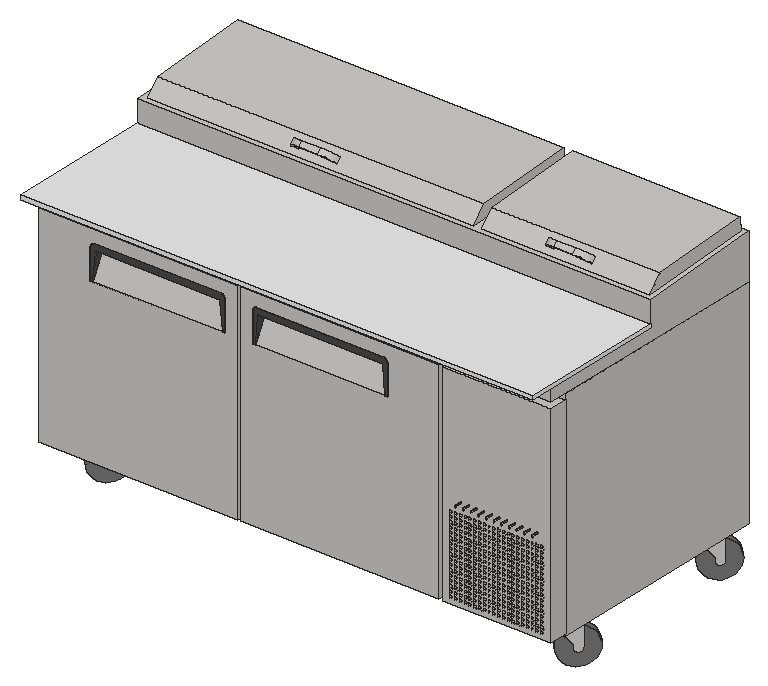
Revit family "QF_Turbo Air_TPR-67SD", category Specialty Equipment, Revit 2012 (continued)
Forms (in)
  Extrusion 17, solid, material "QF_Finishes_Clearances", detail levels coarse
    sketch origin (23.64906, 0, 0) x (0, 1, 0) y (0, 0, 1)
      loop
        arc (-9.30056, 52.10578) -> (-13.94213, 46.43603) -> (-15.28268, 39.23233) r 14.75
        line (-15.28268, 39.23233) -> (-13.67506, 41.0543) -> (-0.54382, 41.875) -> (-0.43665, 40.16021)
    from 0 to 21.875
Lines and regions (in)
  symbolic lines
    curve 1: line (-20.78844, 0, 0) -> (46.21156, 0, 0)
    curve 2: line (-20.78844, -35.25, 0) -> (-20.78844, 0, 0)
    curve 3: line (46.21156, -35.25, 0) -> (-20.78844, -35.25, 0)
    curve 4: line (46.21156, 0, 0) -> (46.21156, -35.25, 0)
    curve 5: line (-20.78844, -16, 0) -> (46.21156, -16, 0)
    curve 6: line (-20.10094, -0.43665, 0) -> (22.52406, -0.43665, 0)
    curve 7: line (-20.10094, -0.43665, 0) -> (-20.10094, -15.28268, 0)
    curve 8: line (22.52406, -15.28268, 0) -> (3.73591, -15.28268, 0)
    curve 9: line (22.52406, -15.28268, 0) -> (22.52406, -0.43665, 0)
    curve 10: line (2.46156, -15.66428, 0) -> (-0.03844, -15.66428, 0)
    curve 11: line (-0.03844, -15.16806, 0) -> (2.46156, -15.16806, 0)
    curve 12: spline (-0.03844, -15.66428, 0) -> (-0.22934, -15.65687, 0) -> (-0.41821, -15.63473, 0) -> (-0.60302, -15.5981, 0) -> (-0.7818, -15.54736, 0) -> (-0.95265, -15.48306, 0) -> (-1.11373, -15.40589, 0) -> (-1.26333, -15.31666, 0) -> (-1.39986, -15.21633, 0) -> (-1.52185, -15.10598, 0) -> (-1.628, -14.98677, 0) -> (-1.71718, -14.85999, 0) -> (-1.78844, -14.72698, 0)
    curve 13: spline (-1.78844, -14.23076, 0) -> (-1.71718, -14.36377, 0) -> (-1.628, -14.49055, 0) -> (-1.52185, -14.60976, 0) -> (-1.39986, -14.72012, 0) -> (-1.26333, -14.82044, 0) -> (-1.11373, -14.90967, 0) -> (-0.95265, -14.98685, 0) -> (-0.7818, -15.05115, 0) -> (-0.60302, -15.10189, 0) -> (-0.41821, -15.13852, 0) -> (-0.22934, -15.16066, 0) -> (-0.03844, -15.16806, 0)
    curve 14: line (-0.78844, -14.23076, 0) -> (-1.78844, -14.23076, 0)
    curve 15: line (-1.78844, -14.23076, 0) -> (-1.78844, -14.72698, 0)
    curve 16: line (-0.78844, -14.60568, 0) -> (-0.78844, -14.23076, 0)
    curve 17: line (2.71156, -14.9806, 0) -> (-0.28844, -14.9806, 0)
    curve 18: spline (-0.28844, -14.9806, 0) -> (-0.3537, -14.97739, 0) -> (-0.41785, -14.96783, 0) -> (-0.47978, -14.95206, 0) -> (-0.53844, -14.93037, 0) -> (-0.59282, -14.90313, 0) -> (-0.64199, -14.87079, 0) -> (-0.68512, -14.83392, 0) -> (-0.72145, -14.79314, 0) -> (-0.75038, -14.74916, 0) -> (-0.7714, -14.70272, 0) -> (-0.78416, -14.65462, 0) -> (-0.78844, -14.60568, 0)
    curve 19: line (4.21156, -14.23076, 0) -> (3.21156, -14.23076, 0)
    curve 20: line (4.21156, -14.72698, 0) -> (4.21156, -14.23076, 0)
    curve 21: line (3.21156, -14.23076, 0) -> (3.21156, -14.60568, 0)
    curve 22: spline (3.21156, -14.60568, 0) -> (3.20728, -14.65462, 0) -> (3.19452, -14.70272, 0) -> (3.1735, -14.74916, 0) -> (3.14457, -14.79314, 0) -> (3.10824, -14.83392, 0) -> (3.06511, -14.87079, 0) -> (3.01594, -14.90313, 0) -> (2.96156, -14.93037, 0) -> (2.9029, -14.95206, 0) -> (2.84097, -14.96783, 0) -> (2.77682, -14.97739, 0) -> (2.71156, -14.9806, 0)
    curve 23: spline (2.46156, -15.16806, 0) -> (2.65246, -15.16066, 0) -> (2.84133, -15.13852, 0) -> (3.02614, -15.10189, 0) -> (3.20492, -15.05115, 0) -> (3.37577, -14.98685, 0) -> (3.53685, -14.90967, 0) -> (3.68645, -14.82044, 0) -> (3.82298, -14.72012, 0) -> (3.94497, -14.60976, 0) -> (4.05112, -14.49055, 0) -> (4.1403, -14.36377, 0) -> (4.21156, -14.23076, 0)
    curve 24: spline (4.21156, -14.72698, 0) -> (4.1403, -14.85999, 0) -> (4.05112, -14.98677, 0) -> (3.94497, -15.10598, 0) -> (3.82298, -15.21633, 0) -> (3.68645, -15.31666, 0) -> (3.53685, -15.40589, 0) -> (3.37577, -15.48306, 0) -> (3.20492, -15.54736, 0) -> (3.02614, -15.5981, 0) -> (2.84133, -15.63473, 0) -> (2.65246, -15.65687, 0) -> (2.46156, -15.66428, 0)
    curve 25: line (-1.31279, -15.28268, 0) -> (-20.10094, -15.28268, 0)
    curve 26: line (-15.28844, 1, 0) -> (-14.03844, 1, 0)
    curve 27: line (39.46156, 1, 0) -> (40.71156, 1, 0)
    curve 28: line (40.71156, 1, 0) -> (40.71156, 0, 0)
    curve 29: line (39.46156, 1, 0) -> (39.46156, 0, 0)
    curve 30: line (-14.03844, 1, 0) -> (-14.03844, 0, 0)
    curve 31: line (-15.28844, 1, 0) -> (-15.28844, 0, 0)
    curve 67: line (35.83656, -15.66428, 0) -> (33.33656, -15.66428, 0)
    curve 68: line (33.33656, -15.16806, 0) -> (35.83656, -15.16806, 0)
    curve 69: spline (33.33656, -15.66428, 0) -> (33.14566, -15.65687, 0) -> (32.95679, -15.63473, 0) -> (32.77198, -15.5981, 0) -> (32.5932, -15.54736, 0) -> (32.42235, -15.48306, 0) -> (32.26127, -15.40589, 0) -> (32.11167, -15.31666, 0) -> (31.97514, -15.21633, 0) -> (31.85315, -15.10598, 0) -> (31.747, -14.98677, 0) -> (31.65782, -14.85999, 0) -> (31.58656, -14.72698, 0)
    curve 70: spline (31.58656, -14.23076, 0) -> (31.65782, -14.36377, 0) -> (31.747, -14.49055, 0) -> (31.85315, -14.60976, 0) -> (31.97514, -14.72012, 0) -> (32.11167, -14.82044, 0) -> (32.26127, -14.90967, 0) -> (32.42235, -14.98685, 0) -> (32.5932, -15.05115, 0) -> (32.77198, -15.10189, 0) -> (32.95679, -15.13852, 0) -> (33.14566, -15.16066, 0) -> (33.33656, -15.16806, 0)
    curve 71: line (32.58656, -14.23076, 0) -> (31.58656, -14.23076, 0)
    curve 72: line (31.58656, -14.23076, 0) -> (31.58656, -14.72698, 0)
    curve 73: line (32.58656, -14.60568, 0) -> (32.58656, -14.23076, 0)
    curve 74: line (37.58656, -14.23076, 0) -> (36.58656, -14.23076, 0)
    curve 75: line (37.58656, -14.72698, 0) -> (37.58656, -14.23076, 0)
    curve 76: line (36.58656, -14.23076, 0) -> (36.58656, -14.60568, 0)
    curve 77: spline (35.83656, -15.16806, 0) -> (36.02746, -15.16066, 0) -> (36.21633, -15.13852, 0) -> (36.40114, -15.10189, 0) -> (36.57992, -15.05115, 0) -> (36.75077, -14.98685, 0) -> (36.91185, -14.90967, 0) -> (37.06145, -14.82044, 0) -> (37.19798, -14.72012, 0) -> (37.31997, -14.60976, 0) -> (37.42612, -14.49055, 0) -> (37.5153, -14.36377, 0) -> (37.58656, -14.23076, 0)
    curve 78: spline (37.58656, -14.72698, 0) -> (37.5153, -14.85999, 0) -> (37.42612, -14.98677, 0) -> (37.31997, -15.10598, 0) -> (37.19798, -15.21633, 0) -> (37.06145, -15.31666, 0) -> (36.91185, -15.40589, 0) -> (36.75077, -15.48306, 0) -> (36.57992, -15.54736, 0) -> (36.40114, -15.5981, 0) -> (36.21633, -15.63473, 0) -> (36.02746, -15.65687, 0) -> (35.83656, -15.66428, 0)
    curve 82: line (45.52406, -0.43665, 0) -> (23.64906, -0.43665, 0)
    curve 83: line (23.64906, -15.28268, 0) -> (32.06221, -15.28268, 0)
    curve 84: line (23.64906, -0.43665, 0) -> (23.64906, -15.28268, 0)
    curve 85: line (45.52406, -15.28268, 0) -> (45.52406, -0.43665, 0)
    curve 86: line (37.11091, -15.28268, 0) -> (45.52406, -15.28268, 0)
  symbolic lines, style "QF_Surface Details"
    curve 32: line (-18.78844, -14.5625, 0) -> (-13.03844, -14.5625, 0)
    curve 33: line (-12.47594, -14, 0) -> (-12.47594, -2.375, 0)
    curve 34: line (-13.03844, -1.8125, 0) -> (-18.78844, -1.8125, 0)
    curve 35: line (-19.35094, -14, 0) -> (-19.35094, -2.375, 0)
    curve 36: arc (-13.03844, -1.8125, 0) -> (-12.64069, -1.97725, 0) -> (-12.47594, -2.375, 0) r 0.5625
    curve 37: arc (-18.78844, -1.8125, 0) -> (-19.18619, -1.97725, 0) -> (-19.35094, -2.375, 0) r 0.5625
    curve 38: arc (-19.35094, -14, 0) -> (-19.18619, -14.39775, 0) -> (-18.78844, -14.5625, 0) r 0.5625
    curve 39: arc (-12.47594, -14, 0) -> (-12.64069, -14.39775, 0) -> (-13.03844, -14.5625, 0) r 0.5625
    curve 40: line (-13.03844, -12.625, 0) -> (-13.03844, -3.75, 0)
    curve 41: line (-14.41344, -2.375, 0) -> (-17.41344, -2.375, 0)
    curve 42: line (-17.41344, -14, 0) -> (-14.41344, -14, 0)
    curve 43: line (-18.78844, -12.625, 0) -> (-18.78844, -3.75, 0)
    curve 44: arc (-17.41344, -2.375, 0) -> (-18.38571, -2.77773, 0) -> (-18.78844, -3.75, 0) r 1.375
    curve 45: arc (-14.41344, -2.375, 0) -> (-13.44117, -2.77773, 0) -> (-13.03844, -3.75, 0) r 1.375
    curve 46: arc (-13.03844, -12.625, 0) -> (-13.44117, -13.59727, 0) -> (-14.41344, -14, 0) r 1.375
    curve 47: arc (-17.41344, -14, 0) -> (-18.38571, -13.59727, 0) -> (-18.78844, -12.625, 0) r 1.375
    curve 48: line (-11.91344, -14.5625, 0) -> (-6.16344, -14.5625, 0)
    curve 49: line (-5.60094, -14, 0) -> (-5.60094, -2.375, 0)
    curve 50: line (-6.16344, -1.8125, 0) -> (-11.91344, -1.8125, 0)
    curve 51: arc (-6.16344, -1.8125, 0) -> (-5.76569, -1.97725, 0) -> (-5.60094, -2.375, 0) r 0.5625
    curve 52: arc (-11.91344, -1.8125, 0) -> (-12.31119, -1.97725, 0) -> (-12.47594, -2.375, 0) r 0.5625
    curve 53: arc (-5.60094, -14, 0) -> (-5.76569, -14.39775, 0) -> (-6.16344, -14.5625, 0) r 0.5625
    curve 54: line (-6.16344, -12.625, 0) -> (-6.16344, -3.75, 0)
    curve 55: line (-7.53844, -2.375, 0) -> (-10.53844, -2.375, 0)
    curve 56: line (-10.53844, -14, 0) -> (-7.53844, -14, 0)
    curve 57: line (-11.91344, -12.625, 0) -> (-11.91344, -3.75, 0)
    curve 58: arc (-10.53844, -2.375, 0) -> (-11.51071, -2.77773, 0) -> (-11.91344, -3.75, 0) r 1.375
    curve 59: arc (-7.53844, -2.375, 0) -> (-6.56617, -2.77773, 0) -> (-6.16344, -3.75, 0) r 1.375
    curve 60: arc (-6.16344, -12.625, 0) -> (-6.56617, -13.59727, 0) -> (-7.53844, -14, 0) r 1.375
    curve 61: arc (-10.53844, -14, 0) -> (-11.51071, -13.59727, 0) -> (-11.91344, -12.625, 0) r 1.375
    curve 62: arc (-12.47594, -14, 0) -> (-12.31119, -14.39775, 0) -> (-11.91344, -14.5625, 0) r 0.5625
    curve 87: line (-5.03844, -14.5625, 0) -> (0.71156, -14.5625, 0)
    curve 88: line (1.27406, -14, 0) -> (1.27406, -2.375, 0)
    curve 89: line (0.71156, -1.8125, 0) -> (-5.03844, -1.8125, 0)
    curve 90: arc (0.71156, -1.8125, 0) -> (1.10931, -1.97725, 0) -> (1.27406, -2.375, 0) r 0.5625
    curve 91: arc (-5.03844, -1.8125, 0) -> (-5.43619, -1.97725, 0) -> (-5.60094, -2.375, 0) r 0.5625
    curve 92: arc (1.27406, -14, 0) -> (1.10931, -14.39775, 0) -> (0.71156, -14.5625, 0) r 0.5625
    curve 93: line (0.71156, -12.625, 0) -> (0.71156, -3.75, 0)
    curve 94: line (-0.66344, -2.375, 0) -> (-3.66344, -2.375, 0)
    curve 95: line (-3.66344, -14, 0) -> (-0.66344, -14, 0)
    curve 96: line (-5.03844, -12.625, 0) -> (-5.03844, -3.75, 0)
    curve 97: arc (-3.66344, -2.375, 0) -> (-4.63571, -2.77773, 0) -> (-5.03844, -3.75, 0) r 1.375
    curve 98: arc (-0.66344, -2.375, 0) -> (0.30883, -2.77773, 0) -> (0.71156, -3.75, 0) r 1.375
    curve 99: arc (0.71156, -12.625, 0) -> (0.30883, -13.59727, 0) -> (-0.66344, -14, 0) r 1.375
    curve 100: arc (-3.66344, -14, 0) -> (-4.63571, -13.59727, 0) -> (-5.03844, -12.625, 0) r 1.375
    curve 101: arc (-5.60094, -14, 0) -> (-5.43619, -14.39775, 0) -> (-5.03844, -14.5625, 0) r 0.5625
    curve 102: line (1.83656, -14.5625, 0) -> (7.58656, -14.5625, 0)
    curve 103: line (8.14906, -14, 0) -> (8.14906, -2.375, 0)
    curve 104: line (7.58656, -1.8125, 0) -> (1.83656, -1.8125, 0)
    curve 105: arc (7.58656, -1.8125, 0) -> (7.98431, -1.97725, 0) -> (8.14906, -2.375, 0) r 0.5625
    curve 106: arc (1.83656, -1.8125, 0) -> (1.43881, -1.97725, 0) -> (1.27406, -2.375, 0) r 0.5625
    curve 107: arc (8.14906, -14, 0) -> (7.98431, -14.39775, 0) -> (7.58656, -14.5625, 0) r 0.5625
    curve 108: line (7.58656, -12.625, 0) -> (7.58656, -3.75, 0)
    curve 109: line (6.21156, -2.375, 0) -> (3.21156, -2.375, 0)
    curve 110: line (3.21156, -14, 0) -> (6.21156, -14, 0)
    curve 111: line (1.83656, -12.625, 0) -> (1.83656, -3.75, 0)
    curve 112: arc (3.21156, -2.375, 0) -> (2.23929, -2.77773, 0) -> (1.83656, -3.75, 0) r 1.375
    curve 113: arc (6.21156, -2.375, 0) -> (7.18383, -2.77773, 0) -> (7.58656, -3.75, 0) r 1.375
    curve 114: arc (7.58656, -12.625, 0) -> (7.18383, -13.59727, 0) -> (6.21156, -14, 0) r 1.375
    curve 115: arc (3.21156, -14, 0) -> (2.23929, -13.59727, 0) -> (1.83656, -12.625, 0) r 1.375
    curve 116: arc (1.27406, -14, 0) -> (1.43881, -14.39775, 0) -> (1.83656, -14.5625, 0) r 0.5625
    curve 117: line (8.71156, -14.5625, 0) -> (14.46156, -14.5625, 0)
    curve 118: line (15.02406, -14, 0) -> (15.02406, -2.375, 0)
    curve 119: line (14.46156, -1.8125, 0) -> (8.71156, -1.8125, 0)
    curve 120: arc (14.46156, -1.8125, 0) -> (14.85931, -1.97725, 0) -> (15.02406, -2.375, 0) r 0.5625
    curve 121: arc (8.71156, -1.8125, 0) -> (8.31381, -1.97725, 0) -> (8.14906, -2.375, 0) r 0.5625
    curve 122: arc (15.02406, -14, 0) -> (14.85931, -14.39775, 0) -> (14.46156, -14.5625, 0) r 0.5625
    curve 123: line (14.46156, -12.625, 0) -> (14.46156, -3.75, 0)
    curve 124: line (13.08656, -2.375, 0) -> (10.08656, -2.375, 0)
    curve 125: line (10.08656, -14, 0) -> (13.08656, -14, 0)
    curve 126: line (8.71156, -12.625, 0) -> (8.71156, -3.75, 0)
    curve 127: arc (10.08656, -2.375, 0) -> (9.11429, -2.77773, 0) -> (8.71156, -3.75, 0) r 1.375
    curve 128: arc (13.08656, -2.375, 0) -> (14.05883, -2.77773, 0) -> (14.46156, -3.75, 0) r 1.375
    curve 129: arc (14.46156, -12.625, 0) -> (14.05883, -13.59727, 0) -> (13.08656, -14, 0) r 1.375
    curve 130: arc (10.08656, -14, 0) -> (9.11429, -13.59727, 0) -> (8.71156, -12.625, 0) r 1.375
    curve 131: arc (8.14906, -14, 0) -> (8.31381, -14.39775, 0) -> (8.71156, -14.5625, 0) r 0.5625
    curve 132: line (15.58656, -14.5625, 0) -> (21.33656, -14.5625, 0)
    curve 133: line (21.89906, -14, 0) -> (21.89906, -2.375, 0)
    curve 134: line (21.33656, -1.8125, 0) -> (15.58656, -1.8125, 0)
    curve 135: arc (21.33656, -1.8125, 0) -> (21.73431, -1.97725, 0) -> (21.89906, -2.375, 0) r 0.5625
    curve 136: arc (15.58656, -1.8125, 0) -> (15.18881, -1.97725, 0) -> (15.02406, -2.375, 0) r 0.5625
    curve 137: arc (21.89906, -14, 0) -> (21.73431, -14.39775, 0) -> (21.33656, -14.5625, 0) r 0.5625
    curve 138: line (21.33656, -12.625, 0) -> (21.33656, -3.75, 0)
    curve 139: line (19.96156, -2.375, 0) -> (16.96156, -2.375, 0)
    curve 140: line (16.96156, -14, 0) -> (19.96156, -14, 0)
    curve 141: line (15.58656, -12.625, 0) -> (15.58656, -3.75, 0)
    curve 142: arc (16.96156, -2.375, 0) -> (15.98929, -2.77773, 0) -> (15.58656, -3.75, 0) r 1.375
    curve 143: arc (19.96156, -2.375, 0) -> (20.93383, -2.77773, 0) -> (21.33656, -3.75, 0) r 1.375
    curve 144: arc (21.33656, -12.625, 0) -> (20.93383, -13.59727, 0) -> (19.96156, -14, 0) r 1.375
    curve 145: arc (16.96156, -14, 0) -> (15.98929, -13.59727, 0) -> (15.58656, -12.625, 0) r 1.375
    curve 146: arc (15.02406, -14, 0) -> (15.18881, -14.39775, 0) -> (15.58656, -14.5625, 0) r 0.5625
    curve 147: line (24.27406, -14, 0) -> (24.27406, -2.375, 0)
    curve 148: line (24.83656, -14.5625, 0) -> (30.58656, -14.5625, 0)
    curve 149: line (31.14906, -14, 0) -> (31.14906, -2.375, 0)
    curve 150: line (30.58656, -1.8125, 0) -> (24.83656, -1.8125, 0)
    curve 151: arc (30.58656, -1.8125, 0) -> (30.98431, -1.97725, 0) -> (31.14906, -2.375, 0) r 0.5625
    curve 152: arc (24.83656, -1.8125, 0) -> (24.43881, -1.97725, 0) -> (24.27406, -2.375, 0) r 0.5625
    curve 153: arc (31.14906, -14, 0) -> (30.98431, -14.39775, 0) -> (30.58656, -14.5625, 0) r 0.5625
    curve 154: line (30.58656, -12.625, 0) -> (30.58656, -3.75, 0)
    curve 155: line (29.21156, -2.375, 0) -> (26.21156, -2.375, 0)
    curve 156: line (26.21156, -14, 0) -> (29.21156, -14, 0)
    curve 157: line (24.83656, -12.625, 0) -> (24.83656, -3.75, 0)
    curve 158: arc (26.21156, -2.375, 0) -> (25.23929, -2.77773, 0) -> (24.83656, -3.75, 0) r 1.375
    curve 159: arc (29.21156, -2.375, 0) -> (30.18383, -2.77773, 0) -> (30.58656, -3.75, 0) r 1.375
    curve 160: arc (30.58656, -12.625, 0) -> (30.18383, -13.59727, 0) -> (29.21156, -14, 0) r 1.375
    curve 161: arc (26.21156, -14, 0) -> (25.23929, -13.59727, 0) -> (24.83656, -12.625, 0) r 1.375
    curve 162: arc (24.27406, -14, 0) -> (24.43881, -14.39775, 0) -> (24.83656, -14.5625, 0) r 0.5625
    curve 163: line (31.71156, -14.5625, 0) -> (37.46156, -14.5625, 0)
    curve 164: line (38.02406, -14, 0) -> (38.02406, -2.375, 0)
    curve 165: line (37.46156, -1.8125, 0) -> (31.71156, -1.8125, 0)
    curve 166: arc (37.46156, -1.8125, 0) -> (37.85931, -1.97725, 0) -> (38.02406, -2.375, 0) r 0.5625
    curve 167: arc (31.71156, -1.8125, 0) -> (31.31381, -1.97725, 0) -> (31.14906, -2.375, 0) r 0.5625
    curve 168: arc (38.02406, -14, 0) -> (37.85931, -14.39775, 0) -> (37.46156, -14.5625, 0) r 0.5625
    curve 169: line (37.46156, -12.625, 0) -> (37.46156, -3.75, 0)
    curve 170: line (36.08656, -2.375, 0) -> (33.08656, -2.375, 0)
    curve 171: line (33.08656, -14, 0) -> (36.08656, -14, 0)
    curve 172: line (31.71156, -12.625, 0) -> (31.71156, -3.75, 0)
    curve 173: arc (33.08656, -2.375, 0) -> (32.11429, -2.77773, 0) -> (31.71156, -3.75, 0) r 1.375
    curve 174: arc (36.08656, -2.375, 0) -> (37.05883, -2.77773, 0) -> (37.46156, -3.75, 0) r 1.375
    curve 175: arc (37.46156, -12.625, 0) -> (37.05883, -13.59727, 0) -> (36.08656, -14, 0) r 1.375
    curve 176: arc (33.08656, -14, 0) -> (32.11429, -13.59727, 0) -> (31.71156, -12.625, 0) r 1.375
    curve 177: arc (31.14906, -14, 0) -> (31.31381, -14.39775, 0) -> (31.71156, -14.5625, 0) r 0.5625
    curve 178: line (38.58656, -14.5625, 0) -> (44.33656, -14.5625, 0)
    curve 179: line (44.89906, -14, 0) -> (44.89906, -2.375, 0)
    curve 180: line (44.33656, -1.8125, 0) -> (38.58656, -1.8125, 0)
    curve 181: arc (44.33656, -1.8125, 0) -> (44.73431, -1.97725, 0) -> (44.89906, -2.375, 0) r 0.5625
    curve 182: arc (38.58656, -1.8125, 0) -> (38.18881, -1.97725, 0) -> (38.02406, -2.375, 0) r 0.5625
    curve 183: arc (44.89906, -14, 0) -> (44.73431, -14.39775, 0) -> (44.33656, -14.5625, 0) r 0.5625
    curve 184: line (44.33656, -12.625, 0) -> (44.33656, -3.75, 0)
    curve 185: line (42.96156, -2.375, 0) -> (39.96156, -2.375, 0)
    curve 186: line (39.96156, -14, 0) -> (42.96156, -14, 0)
    curve 187: line (38.58656, -12.625, 0) -> (38.58656, -3.75, 0)
    curve 188: arc (39.96156, -2.375, 0) -> (38.98929, -2.77773, 0) -> (38.58656, -3.75, 0) r 1.375
    curve 189: arc (42.96156, -2.375, 0) -> (43.93383, -2.77773, 0) -> (44.33656, -3.75, 0) r 1.375
    curve 190: arc (44.33656, -12.625, 0) -> (43.93383, -13.59727, 0) -> (42.96156, -14, 0) r 1.375
    curve 191: arc (39.96156, -14, 0) -> (38.98929, -13.59727, 0) -> (38.58656, -12.625, 0) r 1.375
    curve 192: arc (38.02406, -14, 0) -> (38.18881, -14.39775, 0) -> (38.58656, -14.5625, 0) r 0.5625
  symbolic lines, style "QF_Clearances", detail levels coarse
    curve 63: line (-20.78844, -35.25, 0) -> (-20.78844, -58.2696, 0)
    curve 64: arc (-20.78844, -58.2696, 0) -> (-3.48294, -51.68037, 0) -> (5.05764, -35.25, 0) r 26.0196
    curve 65: line (31.58656, -35.25, 0) -> (31.58656, -58.2696, 0)
    curve 66: arc (31.58656, -58.2696, 0) -> (14.28106, -51.68037, 0) -> (5.74048, -35.25, 0) r 26.0196
  symbolic lines, style "SpecialityEquipment"
    curve 79: spline (33.08656, -14.9806, 0) -> (33.0213, -14.97739, 0) -> (32.95715, -14.96783, 0) -> (32.89522, -14.95206, 0) -> (32.83656, -14.93037, 0) -> (32.78218, -14.90313, 0) -> (32.73301, -14.87079, 0) -> (32.68988, -14.83392, 0) -> (32.65355, -14.79314, 0) -> (32.62462, -14.74916, 0) -> (32.6036, -14.70272, 0) -> (32.59084, -14.65462, 0) -> (32.58656, -14.60568, 0)
    curve 80: line (36.08656, -14.9806, 0) -> (33.08656, -14.9806, 0)
    curve 81: spline (36.58656, -14.60568, 0) -> (36.58228, -14.65462, 0) -> (36.56952, -14.70272, 0) -> (36.5485, -14.74916, 0) -> (36.51957, -14.79314, 0) -> (36.48324, -14.83392, 0) -> (36.44011, -14.87079, 0) -> (36.39094, -14.90313, 0) -> (36.33656, -14.93037, 0) -> (36.2779, -14.95206, 0) -> (36.21597, -14.96783, 0) -> (36.15182, -14.97739, 0) -> (36.08656, -14.9806, 0)
Dimensions and locks (in)
  locked: plane 4 "RIGHT" to plane 3 "LEFT" at 67
  locked: plane 6 "FRONT" to plane 1 "BACK" at 35.25
  locked: plane 6 "FRONT" to plane 5 "Front of Door" at 3
  locked: plane 7 "Front of Pans" to plane 1 "BACK" at 16
  locked: plane 8 "Left of Compressor" to plane 4 "RIGHT" at 14.125
  plane 3 "LEFT" to plane 9 "Right of Left Door" = 2' - 2"
  "CasterLeg Height": plane 10 "Bottom" to plane 2
  locked: plane 12 "Door Clearance" to plane 11 "TOP" at 11.375
  locked: plane 11 "TOP" to plane 10 "Bottom" at 36
  locked: plane 13 "Work Top" to plane 10 "Bottom" at 30
  locked: plane 13 "Work Top" to plane 14 at 1.5625
  locked: plane 14 to plane 15 "Top of Door" at 0.75
  locked: plane 16 "Bottom of Door" to plane 10 "Bottom" at 0.25
  locked: plane 1 "BACK" to plane 17 "Back Stops" at 1
  locked: plane 5 "Front of Door" to plane 18 "Front of Box" at 2.375
  locked: Extrusion 2 sketch curve to plane 13 "Work Top" at 3.3125
  locked: Extrusion 2 sketch curve to plane 14 at 5.875
  locked: plane 3 "LEFT" to plane 19 "Left of Left Lid" at 0.6875
  locked: plane 11 "TOP" to Extrusion 3 sketch curve at 1.71479
  locked: plane 11 "TOP" to Extrusion 3 sketch curve at 0.8207
  locked: plane 11 "TOP" to Extrusion 3 sketch curve at 2.64267
  locked: plane 7 "Front of Pans" to Extrusion 3 sketch curve at 0.71732
  locked: plane 7 "Front of Pans" to Extrusion 3 sketch curve at 2.32494
  locked: Extrusion 3 sketch curve to plane 1 "BACK" at 0.43665
  locked: Extrusion 3 sketch curve to plane 1 "BACK" at 0.54382
  locked: plane 11 "TOP" to plane 22 "Handle Elevation" at 1.73169
  locked: plane 23 "Handle Center FB" to plane 1 "BACK" at 14.47887
  locked: plane 21 "Handle Center of Left Lid" to Extrusion 4 sketch curve at 2
  locked: Extrusion 4 sketch curve to plane 21 "Handle Center of Left Lid" at 2
  locked: plane 21 "Handle Center of Left Lid" to Extrusion 4 sketch curve at 3
  locked: Extrusion 4 sketch curve to plane 21 "Handle Center of Left Lid" at 3
  locked: plane 21 "Handle Center of Left Lid" to Extrusion 4 sketch curve at 1.5
  locked: plane 21 "Handle Center of Left Lid" to Extrusion 4 sketch curve at 1.25
  locked: Extrusion 4 sketch curve to plane 21 "Handle Center of Left Lid" at 1.5
  locked: Extrusion 4 sketch curve to plane 21 "Handle Center of Left Lid" at 1.25
  locked: plane 11 "TOP" to Extrusion 4 at 0.62347
  locked: plane 11 "TOP" to Extrusion 4 at 1.18585
  locked: plane 15 "Top of Door" to Extrusion 5 sketch curve at 1
  locked: Extrusion 5 sketch curve to plane 3 "LEFT" at 1
  locked: Extrusion 5 sketch curve to plane 9 "Right of Left Door" at 1
  locked: Extrusion 5 sketch curve to plane 16 "Bottom of Door" at 1
  locked: Extrusion 7 sketch curve to plane 8 "Left of Compressor" at 0.5
  locked: Extrusion 7 sketch curve to plane 4 "RIGHT" at 0.5
  locked: Extrusion 7 sketch curve to plane 16 "Bottom of Door" at 0.5
  locked: Extrusion 7 sketch curve to Extrusion 7 sketch curve at 12.5
  locked: Extrusion 8 sketch curve to plane 13 "Work Top" at 0.5
  locked: plane 3 "LEFT" to nested 2 at 2.8125
  locked: nested 2 to plane 1 "BACK" at 3.1875
  locked: plane 3 "LEFT" to nested 3 at 2.8125
  locked: plane 18 "Front of Box" to nested 3 at 3.5
  locked: nested 4 to plane 4 "RIGHT" at 2.8125
  locked: nested 4 to plane 1 "BACK" at 3.1875
  locked: nested 5 to plane 4 "RIGHT" at 2.8125
  locked: plane 18 "Front of Box" to nested 5 at 3.5
  locked: Extrusion 9 sketch curve to plane 3 "LEFT" at 6.125
  locked: plane 4 "RIGHT" to Extrusion 9 sketch curve at 6.125
  locked: plane 14 to Extrusion 9 sketch curve at 4.8125  (x2)
  locked: Extrusion 10 sketch curve to plane 10 "Bottom" at 6.125
  locked: plane 4 "RIGHT" to Extrusion 10 sketch curve at 7.0625
  locked: plane 12 "Door Clearance" to Extrusion 12 at 0.14061
  locked: plane 12 "Door Clearance" to Extrusion 12 at 0.03074
  locked: plane 25 "Left of Right Door" to plane 24 "Right of Right Door" at 26
  locked: plane 24 "Right of Right Door" to plane 8 "Left of Compressor" at 0.5
  locked: Extrusion 13 sketch curve to plane 25 "Left of Right Door" at 1
  locked: plane 15 "Top of Door" to Extrusion 13 sketch curve at 1
  locked: Extrusion 13 sketch curve to plane 16 "Bottom of Door" at 1
  locked: Extrusion 13 sketch curve to plane 24 "Right of Right Door" at 1
  locked: plane 27 "Left of Right Lid" to plane 20 "Right of Right Lid" at 21.875
  locked: plane 19 "Left of Left Lid" to plane 26 "Right of Left Lid" at 42.625
  equal spacing: plane 19 "Left of Left Lid", plane 21 "Handle Center of Left Lid", plane 26 "Right of Left Lid"
  locked: plane 20 "Right of Right Lid" to plane 4 "RIGHT" at 0.6875
  locked: plane 28 "Handle Center Right Lid" to Extrusion 14 sketch curve at 2
  locked: Extrusion 14 sketch curve to plane 28 "Handle Center Right Lid" at 2
  locked: plane 28 "Handle Center Right Lid" to Extrusion 14 sketch curve at 3
  locked: Extrusion 14 sketch curve to plane 28 "Handle Center Right Lid" at 3
  locked: plane 28 "Handle Center Right Lid" to Extrusion 14 sketch curve at 1.5
  locked: plane 28 "Handle Center Right Lid" to Extrusion 14 sketch curve at 1.25
  locked: Extrusion 14 sketch curve to plane 28 "Handle Center Right Lid" at 1.5
  locked: Extrusion 14 sketch curve to plane 28 "Handle Center Right Lid" at 1.25
  equal spacing: plane 27 "Left of Right Lid", plane 28 "Handle Center Right Lid", plane 20 "Right of Right Lid"
  locked: plane 11 "TOP" to Extrusion 14 at 1.18585
  locked: plane 11 "TOP" to Extrusion 14 at 0.62347
  locked: plane 12 "Door Clearance" to Extrusion 15 at 0.03074
  locked: plane 12 "Door Clearance" to Extrusion 15 at 0.14061
  aligned and locked: level to plane 2
  aligned and locked: plane 10 "Bottom" to Extrusion 1 sketch curve
  aligned and locked: plane 1 "BACK" to Extrusion 1 sketch curve
  aligned and locked: Extrusion 1 sketch curve to plane 14
  aligned and locked: Extrusion 1 sketch curve to plane 18 "Front of Box"
  aligned and locked: plane 4 "RIGHT" to Extrusion 1
  aligned and locked: Extrusion 2 sketch curve to plane 5 "Front of Door"
  aligned and locked: Extrusion 2 sketch curve to plane 13 "Work Top"
  aligned and locked: Extrusion 2 sketch curve to plane 7 "Front of Pans"
  aligned and locked: plane 14 to Extrusion 2 sketch curve
  aligned and locked: Extrusion 2 sketch curve to plane 1 "BACK"
  aligned and locked: plane 4 "RIGHT" to Extrusion 2
  aligned and locked: plane 11 "TOP" to Extrusion 3 sketch curve
  aligned and locked: Extrusion 4 to Extrusion 3
  aligned and locked: nested 1 to plane 16 "Bottom of Door"
  aligned and locked: plane 15 "Top of Door" to nested 1
  aligned and locked: plane 9 "Right of Left Door" to nested 1
  aligned and locked: Extrusion 6 sketch curve to plane 4 "RIGHT"
  aligned and locked: plane 16 "Bottom of Door" to Extrusion 6 sketch curve
  aligned and locked: plane 8 "Left of Compressor" to Extrusion 6 sketch curve
  aligned and locked: Extrusion 6 sketch curve to plane 15 "Top of Door"
  aligned and locked: plane 5 "Front of Door" to Extrusion 6
  aligned and locked: plane 13 "Work Top" to Extrusion 8 sketch curve
  aligned and locked: plane 7 "Front of Pans" to Extrusion 8 sketch curve
  aligned and locked: Extrusion 8 sketch curve to plane 6 "FRONT"
  aligned and locked: plane 4 "RIGHT" to Extrusion 8
  aligned and locked: Extrusion 9 to plane 17 "Back Stops"
  aligned and locked: plane 1 "BACK" to curve 1
  aligned and locked: plane 3 "LEFT" to curve 2
  aligned and locked: curve 3 to plane 6 "FRONT"
  aligned and locked: curve 4 to plane 4 "RIGHT"
  aligned and locked: curve 6 to Extrusion 3
  aligned and locked: curve 7 to Extrusion 3
  aligned and locked: curve 8 to Extrusion 3
  aligned and locked: curve 9 to Extrusion 3
  aligned and locked: curve 10 to Extrusion 4
  aligned and locked: curve 11 to Extrusion 4
  aligned and locked: curve 14 to Extrusion 4
  aligned and locked: curve 15 to Extrusion 4
  aligned and locked: Extrusion 4 to curve 16
  aligned and locked: curve 17 to Extrusion 4
  aligned and locked: curve 19 to Extrusion 4
  aligned and locked: curve 20 to Extrusion 4
  aligned and locked: curve 21 to Extrusion 4
  aligned and locked: curve 26 to Extrusion 9
  aligned and locked: curve 27 to Extrusion 9
  aligned and locked: Extrusion 12 to Extrusion 11  (x2)
  aligned and locked: Extrusion 11 sketch curve to Extrusion 3  (x3)
  aligned and locked: plane 3 "LEFT" to nested 1
  aligned and locked: nested 6 to plane 15 "Top of Door"
  aligned and locked: plane 25 "Left of Right Door" to nested 6
  aligned and locked: plane 24 "Right of Right Door" to nested 6
  aligned and locked: plane 16 "Bottom of Door" to nested 6
  aligned and locked: curve 67 to Extrusion 14
  aligned and locked: curve 68 to Extrusion 14
  aligned and locked: curve 71 to Extrusion 14
  aligned and locked: curve 72 to Extrusion 14
  aligned and locked: Extrusion 14 to curve 73
  aligned and locked: curve 74 to Extrusion 14
  aligned and locked: curve 75 to Extrusion 14
  aligned and locked: curve 76 to Extrusion 14
  aligned and locked: plane 26 "Right of Left Lid" to Extrusion 3
  aligned and locked: plane 26 "Right of Left Lid" to Extrusion 11
  aligned and locked: Extrusion 17 sketch curve to Extrusion 16  (x3)
  aligned and locked: plane 20 "Right of Right Lid" to Extrusion 17
  aligned and locked: plane 20 "Right of Right Lid" to Extrusion 16
  aligned and locked: curve 80 to Extrusion 14
  aligned and locked: curve 82 to Extrusion 17
  aligned and locked: curve 83 to Extrusion 17
  aligned and locked: curve 84 to Extrusion 16
  aligned and locked: curve 85 to Extrusion 16
  aligned and locked: Extrusion 15 to Extrusion 17
  aligned and locked: Extrusion 17 to Extrusion 14
Automatic sketch dimensions
  curve 65 to plane 24 "Right of Right Door" = 0' - 0"
  plane 5 "Front of Door" to curve 64 = 0' - 0"
  plane 5 "Front of Door" to curve 66 = 0' - 0"
  plane 7 "Front of Pans" to curve 5 = 0' - 0"
  curve 35 to plane 23 "Handle Center FB" = 0' - 0.47887"
  plane 19 "Left of Left Lid" to curve 35 = 0' - 0 3/4"
  curve 35 to curve 37 = 0' - 0 9/16"
  plane 19 "Left of Left Lid" to curve 47 = 0' - 1 5/16"
  curve 35 to curve 38 = 0' - 0 9/16"
  curve 47 to plane 23 "Handle Center FB" = 0' - 0.47887"
  curve 38 to curve 47 = 0' - 1 3/8"
  curve 37 to curve 41 = 0' - 1 3/8"
  curve 44 to curve 26 = 0' - 2 1/8"
  curve 47 to curve 46 = 0' - 3"
  curve 31 to curve 41 = 0' - 0 7/8"
  curve 31 to curve 30 = 0' - 1 1/4"
  curve 39 to plane 23 "Handle Center FB" = 0' - 0.47887"
  curve 42 to curve 39 = 0' - 1 3/8"
  curve 45 to curve 45 = 0' - 1 3/8"
  curve 34 to curve 52 = 0' - 0 9/16"
  curve 40 to curve 58 = 0' - 1 1/8"
  plane 23 "Handle Center FB" to curve 48 = 0' - 0.08363"
  curve 52 to curve 50 = 0' - 0 9/16"
  curve 52 to curve 55 = 0' - 1 3/8"
  curve 56 to plane 23 "Handle Center FB" = 0' - 0.47887"
  curve 62 to curve 56 = 0' - 1 3/8"
  curve 56 to curve 56 = 0' - 3"
  curve 58 to curve 59 = 0' - 3"
  curve 60 to curve 54 = 0' - 1 3/8"
  curve 56 to curve 53 = 0' - 1 3/8"
  curve 55 to curve 51 = 0' - 1 3/8"
  curve 101 to plane 23 "Handle Center FB" = 0' - 0.47887"
  curve 49 to curve 89 = 0' - 0 9/16"
  plane 23 "Handle Center FB" to curve 101 = 0' - 0.08363"
  curve 54 to curve 100 = 0' - 1 1/8"
  curve 95 to plane 23 "Handle Center FB" = 0' - 0.47887"
  curve 101 to curve 95 = 0' - 1 3/8"
  curve 91 to curve 94 = 0' - 1 3/8"
  curve 12 to curve 25 = 0' - 0.47565"
  curve 94 to plane 21 "Handle Center of Left Lid" = 0' - 1 7/8"
  curve 14 to curve 99 = 0' - 0 1/8"
  curve 18 to curve 17 = 0' - 0 1/2"
  curve 95 to curve 13 = 0' - 0 5/8"
  curve 10 to curve 11 = 0' - 0"
  curve 87 to plane 21 "Handle Center of Left Lid" = 0' - 0 1/2"
  curve 89 to plane 21 "Handle Center of Left Lid" = 0' - 0 1/2"
  curve 99 to plane 21 "Handle Center of Left Lid" = 0' - 0 1/2"
  plane 21 "Handle Center of Left Lid" to curve 92 = 0' - 0 1/16"
  curve 12 to plane 23 "Handle Center FB" = 0' - 0.20179"
  curve 88 to curve 12 = 0' - 0.5375"
  curve 13 to curve 12 = 0' - 0"
  curve 88 to curve 106 = 0' - 0 9/16"
  plane 21 "Handle Center of Left Lid" to curve 111 = 0' - 0 5/8"
  plane 23 "Handle Center FB" to curve 102 = 0' - 0.08363"
  curve 13 to curve 23 = 0' - 0.65"
  curve 24 to curve 11 = 0' - 0"
  plane 23 "Handle Center FB" to curve 22 = 0' - 0.12681"
  curve 24 to curve 22 = 0' - 0 1/4"
  curve 111 to curve 115 = 0' - 1 3/8"
  curve 106 to curve 109 = 0' - 1 3/8"
  curve 8 to curve 24 = 0' - 0.47565"
  curve 19 to curve 24 = 0' - 0.1"
  curve 19 to curve 23 = 0' - 0.1"
  curve 64 to plane 9 "Right of Left Door" = 0' - 0.15392"
  plane 25 "Left of Right Door" to curve 66 = 0' - 0.15392"
  plane 25 "Left of Right Door" to curve 113 = 0' - 0 5/8"
  plane 25 "Left of Right Door" to curve 114 = 0' - 0 5/8"
  curve 109 to curve 105 = 0' - 1 3/8"
  curve 114 to curve 114 = 0' - 1 3/8"
  curve 114 to curve 107 = 0' - 1 3/8"
  curve 131 to plane 23 "Handle Center FB" = 0' - 0.47887"
  plane 23 "Handle Center FB" to curve 131 = 0' - 0.08363"
  curve 113 to curve 127 = 0' - 1 1/8"
  curve 103 to curve 121 = 0' - 0 9/16"
  curve 126 to curve 127 = 0' - 1 3/8"
  curve 130 to plane 23 "Handle Center FB" = 0' - 0.47887"
  curve 131 to curve 130 = 0' - 1 3/8"
  curve 125 to curve 125 = 0' - 3"
  curve 127 to curve 128 = 0' - 3"
  curve 129 to curve 123 = 0' - 1 3/8"
  curve 125 to curve 122 = 0' - 1 3/8"
  curve 124 to curve 120 = 0' - 1 3/8"
  curve 118 to plane 23 "Handle Center FB" = 0' - 0.47887"
  curve 123 to curve 141 = 0' - 1 1/8"
  plane 23 "Handle Center FB" to curve 146 = 0' - 0.08363"
  curve 118 to curve 136 = 0' - 0 9/16"
  curve 140 to plane 23 "Handle Center FB" = 0' - 0.47887"
  curve 146 to curve 140 = 0' - 1 3/8"
  curve 136 to curve 142 = 0' - 1 3/8"
  curve 143 to plane 26 "Right of Left Lid" = 0' - 2 9/16"
  curve 144 to plane 26 "Right of Left Lid" = 0' - 2 9/16"
  curve 135 to plane 26 "Right of Left Lid" = 0' - 1 3/16"
  curve 138 to plane 26 "Right of Left Lid" = 0' - 1 3/16"
  curve 132 to plane 26 "Right of Left Lid" = 0' - 1 3/16"
  curve 133 to plane 23 "Handle Center FB" = 0' - 0.47887"
  plane 27 "Left of Right Lid" to curve 162 = 0' - 0 5/8"
  curve 147 to curve 152 = 0' - 0 9/16"
  plane 27 "Left of Right Lid" to curve 158 = 0' - 1 3/16"
  plane 23 "Handle Center FB" to curve 162 = 0' - 0.08363"
  curve 162 to curve 162 = 0' - 0 9/16"
  curve 156 to plane 23 "Handle Center FB" = 0' - 0.47887"
  curve 162 to curve 156 = 0' - 1 3/8"
  curve 157 to curve 158 = 0' - 1 3/8"
  curve 156 to plane 24 "Right of Right Door" = 0' - 2 3/8"
  curve 159 to plane 24 "Right of Right Door" = 0' - 2 3/8"
  curve 151 to plane 24 "Right of Right Door" = 0' - 1"
  curve 159 to plane 24 "Right of Right Door" = 0' - 1"
  curve 153 to plane 23 "Handle Center FB" = 0' - 0.47887"
  curve 153 to plane 24 "Right of Right Door" = 0' - 1"
  plane 24 "Right of Right Door" to curve 172 = 0' - 0 1/8"
  plane 24 "Right of Right Door" to curve 177 = 0' - 0 1/8"
  plane 24 "Right of Right Door" to curve 167 = 0' - 0 1/8"
  curve 83 to plane 8 "Left of Compressor" = 0' - 0.02435"
  plane 23 "Handle Center FB" to curve 79 = 0' - 0.12681"
  curve 79 to curve 79 = 0' - 0 1/2"
  curve 71 to curve 171 = 0' - 0 1/2"
  plane 8 "Left of Compressor" to curve 173 = 0' - 1"
  curve 79 to curve 70 = 0' - 0 1/4"
  curve 69 to curve 68 = 0' - 0"
  plane 28 "Handle Center Right Lid" to curve 70 = 0' - 0.6"
  curve 69 to plane 23 "Handle Center FB" = 0' - 0.20179"
  curve 70 to curve 77 = 0' - 0.65"
  curve 78 to curve 68 = 0' - 0"
  plane 23 "Handle Center FB" to curve 81 = 0' - 0.12681"
  curve 78 to curve 81 = 0' - 0 1/4"
  plane 28 "Handle Center Right Lid" to curve 170 = 0' - 1 1/2"
  curve 77 to curve 171 = 0' - 0 1/4"
  curve 86 to curve 75 = 0' - 0.47565"
  curve 168 to curve 75 = 0' - 0 1/8"
  curve 174 to curve 174 = 0' - 1 3/8"
  curve 174 to curve 165 = 0' - 1 3/8"
  curve 74 to curve 78 = 0' - 0.1"
  curve 168 to curve 77 = 0' - 0.225"
  curve 77 to curve 168 = 0' - 0.3375"
  plane 23 "Handle Center FB" to curve 178 = 0' - 0.08363"
  curve 164 to curve 182 = 0' - 0 9/16"
  curve 169 to curve 187 = 0' - 1 1/8"
  curve 182 to curve 29 = 0' - 0 7/8"
  curve 186 to plane 23 "Handle Center FB" = 0' - 0.47887"
  curve 192 to curve 186 = 0' - 1 3/8"
  curve 187 to curve 188 = 0' - 1 3/8"
  curve 27 to curve 27 = 0' - 1 1/4"
  curve 190 to plane 20 "Right of Right Lid" = 0' - 2 9/16"
  curve 189 to plane 20 "Right of Right Lid" = 0' - 2 9/16"
  curve 184 to plane 20 "Right of Right Lid" = 0' - 1 3/16"
  curve 183 to plane 20 "Right of Right Lid" = 0' - 1 3/16"
  curve 180 to plane 20 "Right of Right Lid" = 0' - 1 3/16"
  curve 181 to curve 181 = 0' - 0 9/16"
  curve 86 to plane 7 "Front of Pans" = 0' - 0.71732"
  plane 23 "Handle Center FB" to curve 18 = 0' - 0.12681"
  curve 176 to curve 70 = 0' - 0.21914"
  curve 19 to curve 110 = 0' - 0.23076"
  plane 1 "BACK" to curve 142 = 0' - 3 3/4"
  plane 1 "BACK" to curve 113 = 0' - 3 3/4"
  curve 93 to curve 112 = 0' - 0"
  curve 54 to curve 97 = 0' - 0"
  curve 189 to curve 82 = 0' - 3.31335"
  plane 1 "BACK" to curve 159 = 0' - 3 3/4"
  curve 174 to curve 188 = 0' - 0"
  curve 123 to curve 142 = 0' - 0"
  curve 45 to curve 58 = 0' - 0"
  curve 128 to curve 136 = 0' - 1 3/8"
  curve 158 to curve 147 = 0' - 1 3/8"
  Extrusion 4 sketch curve to Extrusion 4 sketch curve = 0' - 0"
  Extrusion 4 sketch curve to Extrusion 4 sketch curve = 0' - 0.6"
  Extrusion 4 sketch curve to Extrusion 4 sketch curve = 0' - 0 1/2"
  plane 8 "Left of Compressor" to Extrusion 6 sketch curve = 0' - 0 15/16"  (x4)
  Extrusion 6 sketch curve to Extrusion 6 sketch curve = 0' - 0"  (x258)
  Extrusion 6 sketch curve to Extrusion 6 sketch curve = 0' - 0 3/8"  (x464)
  Extrusion 6 sketch curve to Extrusion 6 sketch curve = 0' - 0 1/4"  (x598)
  Extrusion 6 sketch curve to Extrusion 6 sketch curve = 0' - 0.05806"
  Extrusion 6 sketch curve to Extrusion 6 sketch curve = 0' - 0.08839"  (x64)
  Extrusion 6 sketch curve to plane 28 "Handle Center Right Lid" = 0' - 0.17233"
  Extrusion 6 sketch curve to plane 28 "Handle Center Right Lid" = 0' - 0.08395"
  plane 28 "Handle Center Right Lid" to Extrusion 6 sketch curve = 0' - 0.00444"
  plane 28 "Handle Center Right Lid" to Extrusion 6 sketch curve = 0' - 0 1/16"  (x17)
  plane 28 "Handle Center Right Lid" to Extrusion 6 sketch curve = 0' - 0.12056"
  plane 28 "Handle Center Right Lid" to Extrusion 6 sketch curve = 0' - 0.82767"
  Extrusion 6 sketch curve to Extrusion 6 sketch curve = 0' - 0.11612"  (x9)
  Extrusion 6 sketch curve to Extrusion 6 sketch curve = 0' - 0.82322"  (x9)
  Extrusion 6 sketch curve to plane 20 "Right of Right Lid" = 0' - 0 1/4"  (x17)
  plane 16 "Bottom of Door" to Extrusion 6 sketch curve = 0' - 0 5/8"  (x2)
  Extrusion 6 sketch curve to Extrusion 6 sketch curve = 0' - 0.55806"  (x11)
  Extrusion 6 sketch curve to Extrusion 6 sketch curve = 0' - 0.53033"  (x10)
  Extrusion 6 sketch curve to Extrusion 6 sketch curve = 0' - 0.70711"
  Extrusion 11 sketch curve to Extrusion 11 sketch curve = 0' - 11.7419"
  Extrusion 11 sketch curve to Extrusion 11 sketch curve = 0' - 1.60762"
  Extrusion 11 sketch curve to Extrusion 11 sketch curve = 0' - 0.65246"
  Extrusion 11 sketch curve to Extrusion 11 sketch curve = 0' - 1.37584"
  Extrusion 11 sketch curve to Extrusion 11 sketch curve = 0' - 1.38934"
  Extrusion 11 sketch curve to Extrusion 11 sketch curve = 0' - 0.12067"
  Extrusion 11 sketch curve to Extrusion 11 sketch curve = 0' - 9.68784"
  Extrusion 11 sketch curve to Extrusion 11 sketch curve = 0' - 1.82196"
  Extrusion 12 sketch curve to plane 21 "Handle Center of Left Lid" = 0' - 3"
  Extrusion 12 sketch curve to Extrusion 12 sketch curve = 0' - 1"
  Extrusion 12 sketch curve to Extrusion 12 sketch curve = 0' - 0 1/2"  (x3)
  Extrusion 12 sketch curve to Extrusion 12 sketch curve = 0' - 0 3/4"
  plane 21 "Handle Center of Left Lid" to Extrusion 12 sketch curve = 0' - 1 1/4"
  Extrusion 12 sketch curve to Extrusion 12 sketch curve = 0' - 0 1/4"
  Extrusion 12 sketch curve to plane 9 "Right of Left Door" = 0' - 1"
  Extrusion 12 sketch curve to Extrusion 12 sketch curve = 0' - 0"
  Extrusion 12 sketch curve to Extrusion 12 sketch curve = 0' - 0.6"
  Extrusion 14 sketch curve to Extrusion 14 sketch curve = 0' - 0"
  Extrusion 14 sketch curve to Extrusion 14 sketch curve = 0' - 0.6"
  Extrusion 14 sketch curve to Extrusion 14 sketch curve = 0' - 0 1/2"
  Extrusion 15 sketch curve to plane 24 "Right of Right Door" = 0' - 0"
  plane 8 "Left of Compressor" to Extrusion 15 sketch curve = 0' - 0 1/2"
  Extrusion 15 sketch curve to Extrusion 15 sketch curve = 0' - 0 1/2"  (x3)
  Extrusion 15 sketch curve to Extrusion 15 sketch curve = 0' - 0 3/4"
  plane 28 "Handle Center Right Lid" to Extrusion 15 sketch curve = 0' - 1 1/4"
  Extrusion 15 sketch curve to Extrusion 15 sketch curve = 0' - 0 1/4"
  Extrusion 15 sketch curve to Extrusion 15 sketch curve = 0' - 1"
  Extrusion 15 sketch curve to Extrusion 15 sketch curve = 0' - 0"
  Extrusion 15 sketch curve to Extrusion 15 sketch curve = 0' - 0.6"
  Extrusion 16 sketch curve to plane 11 "TOP" = 0' - 0"
  Extrusion 16 sketch curve to plane 7 "Front of Pans" = 0' - 0.71732"
  Extrusion 16 sketch curve to plane 23 "Handle Center FB" = 0' - 0.80381"
  plane 1 "BACK" to Extrusion 16 sketch curve = 0' - 0.54382"
  plane 22 "Handle Elevation" to Extrusion 16 sketch curve = 0' - 0.01689"
  plane 1 "BACK" to Extrusion 16 sketch curve = 0' - 0.43665"
  Extrusion 17 sketch curve to plane 7 "Front of Pans" = 0' - 0.71732"
  Extrusion 17 sketch curve to plane 12 "Door Clearance" = 0' - 1.14422"
  Extrusion 17 sketch curve to plane 23 "Handle Center FB" = 0' - 5.17831"
  Extrusion 17 sketch curve to plane 12 "Door Clearance" = 0' - 1.50017"
  Extrusion 17 sketch curve to Extrusion 17 sketch curve = 0' - 2.4036"
  plane 22 "Handle Elevation" to Extrusion 17 sketch curve = 0' - 0.07691"
  plane 22 "Handle Elevation" to Extrusion 17 sketch curve = 0' - 0.01689"
  plane 17 "Back Stops" to Extrusion 17 sketch curve = 0' - 0.05688"
  radius of Extrusion 9 sketch curve = 0' - 0 5/8"  (x2)
  radius of Extrusion 10 sketch curve = 0' - 0 1/4"
Nested families (in)
  nested 1: "QF_Turbo Air_TBL_Door-1" at (-5.61177, -30.4375, 6.125), type "QF_Turbo Air_TBL_Door-1"
    with Width 2' - 2", Symbolic Lines no, Height 2' - 3 7/16", Depth 0' - 1 13/16"
  nested 2: "FESCasterLeg" at (-17.97594, -3.1875, 0), Legs <- "Legs", Casters <- "Casters", Height <- "CasterLeg Height", type "FESCasterLeg"
    with Legs no, Height 0' - 5 7/8", Casters yes, Caster Radius 0' - 2 7/16"
  nested 3: "FESCasterLeg" at (-17.97594, -26.375, 0), Legs <- "Legs", Casters <- "Casters", Height <- "CasterLeg Height", type "FESCasterLeg"
    with Legs no, Height 0' - 5 7/8", Casters yes, Caster Radius 0' - 2 7/16"
  nested 4: "FESCasterLeg" at (43.39906, -3.1875, 0), Legs <- "Legs", Casters <- "Casters", Height <- "CasterLeg Height", type "FESCasterLeg"
    with Legs no, Height 0' - 5 7/8", Casters yes, Caster Radius 0' - 2 7/16"
  nested 5: "FESCasterLeg" at (43.39906, -26.375, 0), Legs <- "Legs", Casters <- "Casters", Height <- "CasterLeg Height", type "FESCasterLeg"
    with Legs no, Height 0' - 5 7/8", Casters yes, Caster Radius 0' - 2 7/16"
  nested 6: "QF_Turbo Air_TBL_Door-1" at (16.40989, -30.4375, 6.125) x (-1, 0, 0) z (0, 0, 1), type "QF_Turbo Air_TBL_Door-1"
    with Width 2' - 2", Symbolic Lines no, Height 2' - 3 7/16", Depth 0' - 1 13/16"
Connectors (in)
  electrical at (39.14906, 0.0625, 12), driven by "Number of Poles", driven by "Volts", driven by "Apparent Power"
    settings: on Extrusion 10, index 1, voltage 115 V, apparent load 1196 VA, apparent load phase1 0 VA, apparent load phase2 0 VA, apparent load phase3 0 VA, power factor 1, load classification "Other", number of poles 1, system type 30, power factor state 1, is connector primary yes, connector utility no, sub classification motor no, connector description "Electric"
Definition of nested family "QF_Turbo Air_TBL_Door-1"
  Parameters (values of type "QF_Turbo Air_TBL_Door-1")
    Width [instance] = 2' - 5 5/16"
    Watermarked By = "http://revitwatermark.com"
    Symbolic Lines [instance] = yes
    Manufacturer = "Turbo Air"  # constant formula
    Height [instance] = 2' - 3 7/16"
    Handle Width [instance] = 1' - 5 5/8"
    Depth [instance] = 0' - 1 13/16"
  Reference planes (in)
    plane 1 "BACK": y = 0
    plane 2: z = 0
    plane 3 "LEFT": x = -15.17667
    plane 4: x = 14.13583
    plane 5 "FRONT": y = -1.8125
    plane 6: z = 27.4375
    plane 7 "Right of Handle": x = 12.51083
    plane 8 "Left of Handle": x = -5.11417
  Forms (in)
    Extrusion 1, solid, material "QF_Finishes_Black"
      sketch origin (-31.11417, 0, 15.01083) x (0, 0, -1) y (1, 0, 0)
        loop
          arc (-10.23917, 43.625) -> (-10.63691, 43.46025) -> (-10.80167, 43.0625) r 0.5625
          line (-10.80167, 43.0625) -> (-10.80167, 26.5625)
          arc (-10.80167, 26.5625) -> (-10.63691, 26.16475) -> (-10.23917, 26) r 0.5625
          line (-10.23917, 26) -> (-6.30167, 26) -> (-6.30167, 26.34375) -> (-9.98917, 26.66636) -> (-9.98917, 42.95864) -> (-6.30167, 43.28125) -> (-6.30167, 43.625) -> (-10.23917, 43.625)
      from 0 to 1.8125
    Extrusion 2, solid, material "QF_Finishes_Stainless Steel"
      sketch origin (-5.14542, 0, 15.01083) x (0, 1, 0) y (0, 0, 1)
        loop
          line (-1.8125, 6.30167) -> (0, 6.30167) -> (0, 9.98917) -> (-0.47036, 9.98917) -> (-1.8125, 6.30167)
      from 0.375 to 17.3125
    Extrusion 3, solid, material "QF_Finishes_Stainless Steel"
      sketch origin (0, 0, 0) x (1, 0, 0) y (0, 0, 1)
        loop
          line (-15.17667, 27.4375) -> (-15.17667, 0) -> (14.13583, 0) -> (14.13583, 27.4375) -> (-15.17667, 27.4375)
        loop
          arc (-4.55167, 25.8125) -> (-4.94941, 25.64775) -> (-5.11417, 25.25) r 0.5625
          line (-5.11417, 25.25) -> (-5.11417, 21.3125) -> (12.51083, 21.3125) -> (12.51083, 25.25)
          arc (12.51083, 25.25) -> (12.34608, 25.64775) -> (11.94833, 25.8125) r 0.5625
          line (11.94833, 25.8125) -> (-4.55167, 25.8125)
      from 0 to 1.8125
  Lines and regions (in)
    symbolic lines, visible <- "Symbolic Lines"
      curve 1: line (-15.17667, 0, 25.96875) -> (14.13583, 0, 25.96875)
      curve 2: line (-15.17667, -1.8125, 25.96875) -> (-15.17667, 0, 25.96875)
      curve 3: line (14.13583, -1.8125, 25.96875) -> (-15.17667, -1.8125, 25.96875)
      curve 4: line (14.13583, 0, 25.96875) -> (14.13583, -1.8125, 25.96875)
  Dimensions and locks (in)
    "Width": plane 4 to plane 3 "LEFT"
    "Depth": plane 5 "FRONT" to plane 1 "BACK"
    "Height": plane 6 to plane 2
    locked: Extrusion 3 sketch curve to Extrusion 3 sketch curve at 4.5
    locked: plane 6 to Extrusion 3 sketch curve at 1.625
    locked: plane 6 to Extrusion 1 sketch curve at 1.625
    locked: Extrusion 1 sketch curve to Extrusion 1 sketch curve at 0.8125
    locked: Extrusion 1 sketch curve to Extrusion 1 sketch curve at 4.5  (x2)
    locked: plane 6 to Extrusion 2 sketch curve at 2.4375
    locked: Extrusion 2 sketch curve to Extrusion 2 sketch curve at 3.6875
    locked: Extrusion 2 sketch curve to plane 5 "FRONT" at 1.34214
    locked: plane 7 "Right of Handle" to plane 4 at 1.625
    "Handle Width": plane 8 "Left of Handle" to plane 7 "Right of Handle"
    locked: Extrusion 1 sketch curve to plane 8 "Left of Handle" at 0.34375
    locked: Extrusion 1 sketch curve to plane 8 "Left of Handle" at 0.66636
    locked: Extrusion 1 sketch curve to plane 8 "Left of Handle" at 0.5625
    locked: plane 7 "Right of Handle" to Extrusion 1 sketch curve at 0.34375
    locked: plane 7 "Right of Handle" to Extrusion 1 sketch curve at 0.66636
    locked: plane 7 "Right of Handle" to Extrusion 1 sketch curve at 0.5625
    locked: plane 8 "Left of Handle" to Extrusion 2 at 0.34375
    locked: plane 7 "Right of Handle" to Extrusion 2 at 0.34375
    aligned and locked: level to plane 2
    aligned and locked: Extrusion 3 sketch curve to plane 6
    aligned and locked: plane 3 "LEFT" to Extrusion 3 sketch curve
    aligned and locked: level to Extrusion 3 sketch curve
    aligned and locked: Extrusion 3 sketch curve to plane 4
    aligned and locked: plane 5 "FRONT" to Extrusion 3
    aligned and locked: Extrusion 2 sketch curve to plane 1 "BACK"
    aligned and locked: plane 1 "BACK" to curve 1
    aligned and locked: plane 3 "LEFT" to curve 2
    aligned and locked: curve 3 to plane 5 "FRONT"
    aligned and locked: curve 4 to plane 4
    aligned and locked: Extrusion 3 sketch curve to plane 7 "Right of Handle"
    aligned and locked: Extrusion 3 sketch curve to plane 8 "Left of Handle"
    aligned and locked: Extrusion 1 sketch curve to plane 7 "Right of Handle"
    aligned and locked: plane 8 "Left of Handle" to Extrusion 1 sketch curve
  Automatic sketch dimensions
    Extrusion 3 sketch curve to Extrusion 3 sketch curve = 0' - 0 9/16"  (x2)
    Extrusion 2 sketch curve to plane 5 "FRONT" = 0' - 0"
Definition of nested family "FESCasterLeg"
  Parameters (values of type "FESCasterLeg")
    Watermarked By = "http://revitwatermark.com"
    Type Comments = "⍁⍉⌁⌀⏭⎽⌇⍠⌜⍉⎖⌥⌦⌯⍭⏊⍻⍿⍊⏵⍊⏗⏠⍴⎡⌈⎀⍠⌓⌤⏘⎐⍀⌐⏬⏁⎈⏍⏦⎒⏬⌝⍩⍇⌣〈⎫〉⎁⏊⍥⍖⍥⍝⍦⌖⍀⏌⏭⎝⎼⏷⏞⍻⏯⎽⏷⏞⍻⏯⎽⏷⎺⌻⎝⍎⌧⏷⏟⏿⌿⍜⍦⍤⌁⍬⏶⏎⍊⏚⏉⎞⌡⎀⎪⏈⌟⌿⍾⍼⌟⌿⌢⌞⏜⏝⎽⍷⍷⍯⍧⍷⌯⍽⏸⏨⏾⏎⌣⏺⍹⏼⏅⎏⌽⎫⎪⍙⎓⏗⎗⏅⌴⍏⍏⍿⏑⎺⍘⌭⏲⍥⎛⎾⎾⍞⍌⎪⎲⌙⎥⏏⎟⎟⏼⏘⎏⎝⏧⏍⏁⍏⍧⏯⏾⌟"
    Legs [instance] = yes
    Height [instance] = 0' - 6"
    Caster Radius [instance] = if(Height < 0' 3", 0' 1", (Height / 2) - 0' 0 1/2")  # 0' - 2 1/2"
    Casters [instance] = yes
    Assembly Code = ""
  Reference planes (in)
    plane 1 "Center (Front/Back)": y = 0
    plane 2: z = 0
    plane 3 "Center (Left/Right)": x = 0
    plane 4: z = 6
    plane 5: z = 5.5
  Forms (in)
    Extrusion 1, solid, material "QF_Finishes_Stainless Steel", visible <- "Casters"
      sketch origin (-24.12131, -22.88887, 10.18833) x (0.707107, 0.707107, 0) y (0, 0, 1)
        loop
          line (34.98772, -7.68833) -> (34.98772, -4.93833) -> (34.48772, -4.93833) -> (34.39402, -4.68833) -> (32.39402, -4.68833) -> (32.39402, -5.43833) -> (33.98772, -7.34206) -> (33.98772, -7.68833)
          arc (33.98772, -7.68833) -> (34.48772, -8.18833) -> (34.98772, -7.68833) r 0.5
      from 0 to 1.75
    Extrusion 2, solid, material "QF_Finishes_Rubber Black", visible <- "Casters"
      sketch origin (-24.32327, -23.09083, 13.31461) x (0.707107, 0.707107, 0) y (0, 0, 1)
        loop
          circle (34.77334, -10.81461) r 2.5
      from 0.375 to 1.375
    Extrusion 3, solid, material "QF_Finishes_Stainless Steel", visible <- "Casters"
      sketch origin (-7.24148, -8.48391, 0) x (0.707107, 0.707107, 0) y (0, 0, 1)
        loop
          line (10.61603, 5.5) -> (11.61603, 5.5) -> (11.61603, 6) -> (10.61603, 6) -> (10.61603, 5.5)
      from 0 to -1.75
    Blend 4, solid, material "QF_Finishes_Stainless Steel", visible <- "Legs"
      base sketch origin (0, 0, 0) x (1, 0, 0) y (0, 1, 0)
        loop
          circle (0, 0) r 0.5
      top sketch origin (0, 0, 0) x (1, 0, 0) y (0, 1, 0)
        loop
          circle (0, 0) r 1
      from 0 to 6 <- "Height"
  Lines and regions (in)
    symbolic lines, style "QF_Hidden Details", visible <- "Casters", built-in parameter 1006206 <- "Casters"
      curve 1: line (-1.26158, -0.51911, 0) -> (1.39007, 2.13254, 0)
      curve 2: line (-0.53429, -1.24639, 0) -> (2.11736, 1.40526, 0)
    symbolic lines, style "QF_Hidden Details", built-in parameter 1006206 <- "Casters", visible <- "Casters"
      curve 3: line (-1.26158, -0.51911, 0) -> (1.39007, 2.13254, 0)
      curve 4: line (-0.53429, -1.24639, 0) -> (2.11736, 1.40526, 0)
  Dimensions and locks (in)
    locked: plane 4 to plane 5 at 0.5
    "Height": plane 4 to level
    "Caster Radius": Extrusion 2 sketch curve to level
    "Caster Radius": Extrusion 1 sketch curve to level
    "Caster Radius": radius of Extrusion 2 sketch curve
    aligned and locked: plane 2 to level
    aligned: Blend 4 to Extrusion 3
    aligned and locked: plane 4 to Blend 4
    aligned and locked: Extrusion 3 to plane 5
    aligned and locked: plane 4 to Extrusion 3
    aligned and locked: plane 5 to Extrusion 1
  Automatic sketch dimensions
    plane 1 "Center (Front/Back)" to curve 3 = 0' - 0.51911"
    curve 3 to plane 3 "Center (Left/Right)" = 0' - 1.26158"
    plane 1 "Center (Front/Back)" to curve 1 = 0' - 0.51911"
    curve 1 to curve 3 = 0' - 0"  (x3)
    curve 4 to plane 3 "Center (Left/Right)" = 0' - 0.53429"
    curve 2 to curve 4 = 0' - 0"  (x2)
    plane 3 "Center (Left/Right)" to curve 3 = 0' - 1.39007"
    curve 1 to curve 4 = 0' - 0.72729"
    curve 2 to curve 1 = 0' - 0.72729"
    curve 4 to curve 2 = 0' - 0"  (x2)
    curve 2 to plane 1 "Center (Front/Back)" = 0' - 1.40526"
    curve 2 to curve 3 = 0' - 0.72729"
    plane 5 to Extrusion 1 sketch curve = 0' - 0"
    Extrusion 1 sketch curve to Extrusion 1 sketch curve = 0' - 1.5937"
    Extrusion 1 sketch curve to Extrusion 1 sketch curve = 0' - 2"
    Extrusion 1 sketch curve to Extrusion 1 sketch curve = 0' - 0.0937"
    Extrusion 1 sketch curve to Extrusion 1 sketch curve = 0' - 0 1/2"
    Extrusion 1 sketch curve to Extrusion 1 sketch curve = 0' - 0.34627"
    Extrusion 1 sketch curve to plane 5 = 0' - 0 3/4"
    Extrusion 1 sketch curve to plane 5 = 0' - 0 1/4"
    Extrusion 3 sketch curve to plane 5 = 0' - 0"
    plane 4 to Extrusion 3 sketch curve = 0' - 0"
    Extrusion 3 sketch curve to Extrusion 3 sketch curve = 0' - 1"
    plane 1 "Center (Front/Back)" to Blend 4 sketch curve = 0' - 0"  (x2)
    Blend 4 sketch curve to plane 3 "Center (Left/Right)" = 0' - 0"  (x2)
